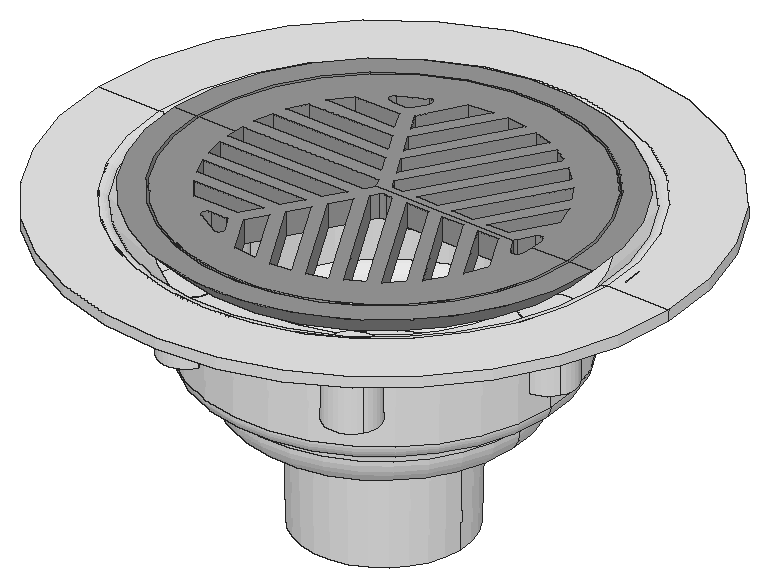
Revit family "3100.177 Deck Drain Bottom Exit 100x65", category Plumbing Fixtures, Revit 2020
Family settings
  Round Connector Dimension = Use Diameter
  Part Type = Normal
  Work Plane-Based = No
  Always vertical = Yes
  Cut with Voids When Loaded = No
  Shared = No
  Room Calculation Point = No
Parameters (values of type "3100.177 100X65")
  Waste Connection = yes
  Vent Connection = no
  URL = "www.aquaknight.co.nz"
  Phone = "+6498322214"  # constant formula
  Model = "3100.177"
  Manufacturer = "Aquanight Industries Ltd"  # constant formula
  HW Connection = no
  Email = "info@aquaknight.co.nz"  # constant formula
  Description = "Deck Drain Bottom Exit 100mm Inlet w 65mm Outlet Big Flange"
  Default Elevation = 0 mm
  CW Connection = no
Reference planes
  plane 1 "Center (Front/Back)": y = 0
  plane 2: z = 0
  plane 3 "Center (Left/Right)": x = 0
  plane 4: z = -94.136
Forms (mm)
  Revolve 1, solid, material "PVC-Piping"
    sketch origin (-2.137, 0, 1.044) x (1, 0, 0) y (0, 0, 1)
      loop
        line (-87.727, -5.044) -> (-75.98, -17.642) -> (-75.98, -20.801)
        arc (-75.98, -20.801) -> (-74.992, -23.186) -> (-72.607, -24.174) r 3.373
        line (-72.607, -24.174) -> (-65.619, -24.174) -> (-65.137, -53.24)
        arc (-65.137, -53.24) -> (-63.332, -57.433) -> (-59.099, -59.143) r 6.002
        arc (-59.099, -59.143) -> (-54.852, -60.869) -> (-53.063, -65.091) r 6
        arc (-53.063, -65.091) -> (-49.622, -73.397) -> (-41.377, -76.982) r 12
        line (-41.377, -76.982) -> (-29.814, -77.285) -> (-28.735, -117.18) -> (-24.733, -117.18) -> (-25.763, -79.113)
        arc (-25.763, -79.113) -> (-27.533, -75.001) -> (-31.646, -73.235) r 6.043
        line (-31.646, -73.235) -> (-41.273, -72.983)
        arc (-41.273, -72.983) -> (-46.769, -70.593) -> (-49.063, -65.056) r 8
        arc (-49.063, -65.056) -> (-51.095, -59.101) -> (-56.281, -55.538) r 10
        line (-56.281, -55.538) -> (-56.613, -17.544) -> (-70.602, -17.544) -> (-84.53, -2.608)
        arc (-84.53, -2.608) -> (-86.165, -1.452) -> (-88.127, -1.044) r 4.918
        line (-88.127, -1.044) -> (-112.863, -1.044) -> (-112.863, -5.044) -> (-87.727, -5.044)
      axis (2.137, -1.044) -> (2.137, -117.18)
    angle from 0 to 360
  Revolve 2, solid, material "Steel, Chrome Plated"
    sketch origin (0, 0, 1.044) x (1, 0, 0) y (0, 0, 1)
      loop
        line (-75.621, -6.423) -> (0, -6.423) -> (0, 2.356) -> (-74.314, 2.356) -> (-75.328, -2.363) -> (-75.328, 2.356) -> (-84.4, 2.356) -> (-75.621, -6.423)
      axis (0, 2.356) -> (0, -6.423)
    angle from 0 to 360
  Extrusion 3, solid, material "PVC-Piping", detail levels fine
    sketch origin (-6.563, -11.367, 4) x (0.866025, -0.5, 0) y (0.5, 0.866025, 0)
      loop
        circle (0, -53.504) r 10
      loop
        circle (0, 79.754) r 10
      loop
        circle (-57.702, -20.189) r 10
      loop
        circle (57.702, 46.439) r 10
      loop
        circle (-57.702, 46.439) r 10
      loop
        circle (57.702, -20.189) r 10
    from -46.5 to -20.5
  Extrusion 4, void
    sketch origin (0, 0, 0) x (0, 1, 0) y (-1, 0, 0)
      loop
        line (43.05, 22.084) -> (35.55, 17.754) -> (59.886, 3.703)
        arc (59.886, 3.703) -> (59.402, 8.447) -> (58.544, 13.138) r 60
        line (58.544, 13.138) -> (43.05, 22.084)
      loop
        line (30.75, 14.982) -> (23.25, 10.652) -> (59.148, -10.074)
        arc (59.148, -10.074) -> (59.7, -5.995) -> (59.97, -1.888) r 60
        line (59.97, -1.888) -> (30.75, 14.982)
      loop
        line (18.45, 7.881) -> (10.95, 3.551) -> (55.706, -22.289)
        arc (55.706, -22.289) -> (57.016, -18.686) -> (58.093, -15.007) r 60
        line (58.093, -15.007) -> (18.45, 7.881)
      loop
        line (6.15, 0.779) -> (3.396, -0.81)
        spline (3.396, -0.81) -> (3.249, -0.904) -> (3.112, -1.01) -> (2.983, -1.127) -> (2.866, -1.255) -> (2.76, -1.393) -> (2.667, -1.54) -> (2.587, -1.694) -> (2.52, -1.854) -> (2.468, -2.02) -> (2.43, -2.19) -> (2.408, -2.362) -> (2.4, -2.536)
        line (2.4, -2.536) -> (2.4, -5.716) -> (49.985, -33.189)
        arc (49.985, -33.189) -> (51.962, -30) -> (53.735, -26.694) r 60
        line (53.735, -26.694) -> (6.15, 0.779)
      loop
        line (47.156, -37.098) -> (2.4, -11.258) -> (2.4, -19.919) -> (42.043, -42.806)
        arc (42.043, -42.806) -> (44.691, -40.034) -> (47.156, -37.098) r 60
      loop
        line (38.298, -46.187) -> (2.4, -25.461) -> (2.4, -34.121) -> (31.62, -50.992)
        arc (31.62, -50.992) -> (35.042, -48.704) -> (38.298, -46.187) r 60
      loop
        line (26.736, -53.714) -> (2.4, -39.664) -> (2.4, -48.324) -> (17.894, -57.27)
        arc (17.894, -57.27) -> (22.385, -55.668) -> (26.736, -53.714) r 60
      loop
        line (45.45, 33.354) -> (45.45, 27.391)
        spline (45.45, 27.391) -> (45.458, 27.217) -> (45.48, 27.045) -> (45.518, 26.875) -> (45.57, 26.709) -> (45.637, 26.549) -> (45.717, 26.395) -> (45.81, 26.248) -> (45.916, 26.11) -> (46.033, 25.982) -> (46.162, 25.865) -> (46.299, 25.759) -> (46.446, 25.665)
        line (46.446, 25.665) -> (51.611, 22.684)
        arc (51.611, 22.684) -> (53.96, 22.94) -> (54.425, 25.258) r 2
        arc (54.425, 25.258) -> (51.962, 30) -> (49.086, 34.504) r 60
        arc (49.086, 34.504) -> (46.847, 35.261) -> (45.45, 33.354) r 2
      loop
        line (-43.05, 22.084) -> (-58.544, 13.138)
        arc (-58.544, 13.138) -> (-59.402, 8.447) -> (-59.886, 3.703) r 60
        line (-59.886, 3.703) -> (-35.55, 17.754) -> (-43.05, 22.084)
      loop
        line (-30.75, 14.982) -> (-59.97, -1.888)
        arc (-59.97, -1.888) -> (-59.7, -5.995) -> (-59.148, -10.074) r 60
        line (-59.148, -10.074) -> (-23.25, 10.652) -> (-30.75, 14.982)
      loop
        line (-18.45, 7.881) -> (-58.093, -15.007)
        arc (-58.093, -15.007) -> (-57.016, -18.686) -> (-55.706, -22.289) r 60
        line (-55.706, -22.289) -> (-10.95, 3.551) -> (-18.45, 7.881)
      loop
        line (-6.15, 0.779) -> (-53.735, -26.694)
        arc (-53.735, -26.694) -> (-51.962, -30) -> (-49.985, -33.189) r 60
        line (-49.985, -33.189) -> (-2.4, -5.716) -> (-2.4, -2.536)
        spline (-2.4, -2.536) -> (-2.408, -2.362) -> (-2.43, -2.19) -> (-2.468, -2.02) -> (-2.52, -1.854) -> (-2.587, -1.694) -> (-2.667, -1.54) -> (-2.76, -1.393) -> (-2.866, -1.255) -> (-2.983, -1.127) -> (-3.112, -1.01) -> (-3.249, -0.904) -> (-3.396, -0.81)
        line (-3.396, -0.81) -> (-6.15, 0.779)
      loop
        arc (-47.156, -37.098) -> (-44.691, -40.034) -> (-42.043, -42.806) r 60
        line (-42.043, -42.806) -> (-2.4, -19.919) -> (-2.4, -11.258) -> (-47.156, -37.098)
      loop
        arc (-38.298, -46.187) -> (-35.042, -48.704) -> (-31.62, -50.992) r 60
        line (-31.62, -50.992) -> (-2.4, -34.121) -> (-2.4, -25.461) -> (-38.298, -46.187)
      loop
        arc (-26.736, -53.714) -> (-22.385, -55.668) -> (-17.894, -57.27) r 60
        line (-17.894, -57.27) -> (-2.4, -48.324) -> (-2.4, -39.664) -> (-26.736, -53.714)
      loop
        line (40.65, 26.241) -> (40.65, 44.131)
        arc (40.65, 44.131) -> (37.017, 47.22) -> (33.15, 50.011) r 60
        line (33.15, 50.011) -> (33.15, 21.91) -> (40.65, 26.241)
      loop
        line (28.35, 19.139) -> (28.35, 52.88)
        arc (28.35, 52.88) -> (24.658, 54.699) -> (20.85, 56.261) r 60
        line (20.85, 56.261) -> (20.85, 14.809) -> (28.35, 19.139)
      loop
        line (16.05, 12.038) -> (16.05, 57.813)
        arc (16.05, 57.813) -> (12.325, 58.72) -> (8.55, 59.388) r 60
        line (8.55, 59.388) -> (8.55, 7.708) -> (16.05, 12.038)
      loop
        line (3.75, 4.936) -> (3.75, 59.883)
        arc (3.75, 59.883) -> (0, 60) -> (-3.75, 59.883) r 60
        line (-3.75, 59.883) -> (-3.75, 4.936) -> (-0.996, 3.346)
        spline (-0.996, 3.346) -> (-0.842, 3.266) -> (-0.681, 3.2) -> (-0.516, 3.147) -> (-0.346, 3.11) -> (-0.174, 3.087) -> (0, 3.079) -> (0.174, 3.087) -> (0.346, 3.11) -> (0.516, 3.147) -> (0.681, 3.2) -> (0.842, 3.266) -> (0.996, 3.346)
        line (0.996, 3.346) -> (3.75, 4.936)
      loop
        arc (-8.55, 59.388) -> (-12.325, 58.72) -> (-16.05, 57.813) r 60
        line (-16.05, 57.813) -> (-16.05, 12.038) -> (-8.55, 7.708) -> (-8.55, 59.388)
      loop
        arc (-20.85, 56.261) -> (-24.658, 54.699) -> (-28.35, 52.88) r 60
        line (-28.35, 52.88) -> (-28.35, 19.139) -> (-20.85, 14.809) -> (-20.85, 56.261)
      loop
        arc (-33.15, 50.011) -> (-37.017, 47.22) -> (-40.65, 44.131) r 60
        line (-40.65, 44.131) -> (-40.65, 26.241) -> (-33.15, 21.91) -> (-33.15, 50.011)
      loop
        line (-51.611, 22.684) -> (-46.446, 25.665)
        spline (-46.446, 25.665) -> (-46.299, 25.759) -> (-46.162, 25.865) -> (-46.033, 25.982) -> (-45.916, 26.11) -> (-45.81, 26.248) -> (-45.717, 26.395) -> (-45.637, 26.549) -> (-45.57, 26.709) -> (-45.518, 26.875) -> (-45.48, 27.045) -> (-45.458, 27.217) -> (-45.45, 27.391)
        line (-45.45, 27.391) -> (-45.45, 33.354)
        arc (-45.45, 33.354) -> (-46.847, 35.261) -> (-49.086, 34.504) r 2
        arc (-49.086, 34.504) -> (-51.962, 30) -> (-54.425, 25.258) r 60
        arc (-54.425, 25.258) -> (-53.96, 22.94) -> (-51.611, 22.684) r 2
      loop
        line (6.161, -56.038) -> (0.996, -53.056)
        spline (0.996, -53.056) -> (0.842, -52.976) -> (0.681, -52.909) -> (0.516, -52.857) -> (0.346, -52.819) -> (0.174, -52.797) -> (0, -52.789) -> (-0.174, -52.797) -> (-0.346, -52.819) -> (-0.516, -52.857) -> (-0.681, -52.909) -> (-0.842, -52.976) -> (-0.996, -53.056)
        line (-0.996, -53.056) -> (-6.161, -56.038)
        arc (-6.161, -56.038) -> (-7.114, -58.201) -> (-5.338, -59.762) r 2
        arc (-5.338, -59.762) -> (0, -60) -> (5.338, -59.762) r 60
        arc (5.338, -59.762) -> (7.114, -58.201) -> (6.161, -56.038) r 2
    from -10.558 to 12.361
Cuts and joins
  Extrusion 4 cuts Revolve 2
Lines and regions (mm)
  Masking region 1
    outline origin (0, 0, 0) x (0, 1, 0) y (-1, 0, 0)
      loop
        circle (0, 0) r 115
  symbolic lines, detail levels fine
    curve 1: circle (-53.5, 92.665, 0) r 4.5 normal (0, 0, 1)
    curve 2: circle (53.5, 92.665, 0) r 4.5 normal (0, 0, 1)
    curve 3: circle (107, 0, 0) r 4.5 normal (0, 0, 1)
    curve 4: circle (53.5, -92.665, 0) r 4.5 normal (0, 0, 1)
    curve 5: circle (-53.5, -92.665, 0) r 4.5 normal (0, 0, 1)
    curve 6: circle (-107, 0, 0) r 4.5 normal (0, 0, 1)
  model lines, detail levels fine
    curve 7: circle (-107, 0, 0) r 4.5 normal (0, 0, 1)
    curve 8: circle (-53.5, -92.665, 0) r 4.5 normal (0, 0, 1)
    curve 9: circle (53.5, -92.665, 0) r 4.5 normal (0, 0, 1)
    curve 10: circle (107, 0, 0) r 4.5 normal (0, 0, 1)
    curve 11: circle (53.5, 92.665, 0) r 4.5 normal (0, 0, 1)
    curve 12: circle (-53.5, 92.665, 0) r 4.5 normal (0, 0, 1)
  symbolic lines, detail levels medium+fine
    curve 13: circle (0, 0, 0) r 84.4 normal (0, 0, 1)
    curve 14: circle (0, 0, 0) r 75.621 normal (0, 0, 1)
    curve 15: circle (0, 0, 0) r 60 normal (0, 0, 1)
Dimensions and locks
  locked: level to plane 4 at 94.136
  locked: connector elem to plane 3 "Center (Left/Right)"
  locked: connector elem to plane 1 "Center (Front/Back)"
  aligned and locked: level to plane 2
Automatic sketch dimensions
  Revolve 2 sketch curve to plane 3 "Center (Left/Right)" = 0 mm  (x2)
  level to Revolve 2 sketch curve = 3.4 mm  (x2)
  Revolve 2 sketch curve to plane 3 "Center (Left/Right)" = 74.314 mm
  Revolve 2 sketch curve to Revolve 2 sketch curve = 1.014 mm
  Revolve 2 sketch curve to Revolve 2 sketch curve = 0.294 mm
  Revolve 2 sketch curve to Revolve 2 sketch curve = 9.072 mm
  Revolve 2 sketch curve to level = 1.319 mm
  Revolve 2 sketch curve to Revolve 2 sketch curve = 4.06 mm
  Revolve 2 sketch curve to Revolve 2 sketch curve = 11.104 mm
  Revolve 2 sketch curve to Revolve 2 sketch curve = 11.042 mm
  plane 1 "Center (Front/Back)" to Extrusion 3 sketch curve = 0 mm  (x2)
  Extrusion 3 sketch curve to Extrusion 3 sketch curve = 33.314 mm  (x3)
  Extrusion 3 sketch curve to plane 3 "Center (Left/Right)" = 66.629 mm
  Extrusion 3 sketch curve to Extrusion 3 sketch curve = 0 mm
  Extrusion 3 sketch curve to Extrusion 3 sketch curve = 57.702 mm  (x4)
  Extrusion 3 sketch curve to Extrusion 3 sketch curve = 66.629 mm
  Extrusion 4 sketch curve to Revolve 1 = 0 mm  (x2)
  Revolve 1 to Extrusion 4 sketch curve = 0.996 mm  (x2)
  Revolve 1 to Extrusion 4 sketch curve = 2.4 mm  (x4)
  Extrusion 4 sketch curve to Extrusion 4 sketch curve = 0.996 mm  (x4)
  Revolve 1 to Extrusion 4 sketch curve = 3.75 mm
  Revolve 1 to Extrusion 4 sketch curve = 5.161 mm
  Extrusion 4 sketch curve to Extrusion 4 sketch curve = 2.754 mm  (x2)
  Extrusion 4 sketch curve to Extrusion 4 sketch curve = 1 mm  (x4)
  Extrusion 4 sketch curve to Extrusion 4 sketch curve = 4.8 mm  (x8)
  Extrusion 4 sketch curve to Extrusion 4 sketch curve = 2.4 mm  (x12)
  Extrusion 4 sketch curve to Extrusion 4 sketch curve = 7.5 mm  (x6)
  Extrusion 4 sketch curve to Extrusion 4 sketch curve = 11.733 mm  (x2)
  Extrusion 4 sketch curve to Extrusion 4 sketch curve = 8.842 mm  (x2)
  Extrusion 4 sketch curve to Extrusion 4 sketch curve = 4.885 mm  (x2)
  Extrusion 4 sketch curve to Extrusion 4 sketch curve = 6.678 mm  (x2)
  Extrusion 4 sketch curve to Extrusion 4 sketch curve = 3.745 mm  (x2)
  Extrusion 4 sketch curve to Extrusion 4 sketch curve = 5.113 mm  (x2)
  Extrusion 4 sketch curve to Extrusion 4 sketch curve = 2 mm  (x2)
  Extrusion 4 sketch curve to Extrusion 4 sketch curve = 2.829 mm  (x2)
  Extrusion 4 sketch curve to Extrusion 4 sketch curve = 5.164 mm  (x2)
  Extrusion 4 sketch curve to Extrusion 4 sketch curve = 3.75 mm  (x2)
  Extrusion 4 sketch curve to Extrusion 4 sketch curve = 1.971 mm  (x2)
  Extrusion 4 sketch curve to Extrusion 4 sketch curve = 2.387 mm  (x2)
  Extrusion 4 sketch curve to Extrusion 4 sketch curve = 6.933 mm  (x2)
  Extrusion 4 sketch curve to Extrusion 4 sketch curve = 1.055 mm  (x2)
  Extrusion 4 sketch curve to Extrusion 4 sketch curve = 1.342 mm  (x2)
  Extrusion 4 sketch curve to Extrusion 4 sketch curve = 0.085 mm  (x2)
  Extrusion 4 sketch curve to Revolve 1 = 0.996 mm  (x2)
  Extrusion 4 sketch curve to Revolve 1 = 2.4 mm  (x4)
  Extrusion 4 sketch curve to Revolve 1 = 3.75 mm
  Extrusion 4 sketch curve to Revolve 1 = 5.161 mm
  Extrusion 4 sketch curve to Extrusion 4 sketch curve = 0.5 mm
  Extrusion 4 sketch curve to Extrusion 4 sketch curve = 0 mm  (x8)
  Extrusion 4 sketch curve to Extrusion 4 sketch curve = 1.732 mm  (x4)
  Extrusion 4 sketch curve to Extrusion 4 sketch curve = 2.982 mm
  Extrusion 4 sketch curve to Extrusion 4 sketch curve = 4.732 mm
  Extrusion 4 sketch curve to Extrusion 4 sketch curve = 8.66 mm  (x3)
  Extrusion 4 sketch curve to Extrusion 4 sketch curve = 5.543 mm  (x3)
  Extrusion 4 sketch curve to Extrusion 4 sketch curve = 3.18 mm  (x2)
  Extrusion 4 sketch curve to Extrusion 4 sketch curve = 1.725 mm  (x4)
  Extrusion 4 sketch curve to Extrusion 4 sketch curve = 1.59 mm  (x4)
  Extrusion 4 sketch curve to Extrusion 4 sketch curve = 3.346 mm
  Extrusion 4 sketch curve to Extrusion 4 sketch curve = 2.771 mm  (x6)
  Extrusion 4 sketch curve to Extrusion 4 sketch curve = 4.157 mm  (x12)
  Extrusion 4 sketch curve to Extrusion 4 sketch curve = 4.33 mm  (x6)
  Extrusion 4 sketch curve to Extrusion 4 sketch curve = 0.6 mm  (x2)
  Extrusion 4 sketch curve to Extrusion 4 sketch curve = 3.582 mm  (x2)
  Extrusion 4 sketch curve to Extrusion 4 sketch curve = 5.963 mm  (x2)
  Extrusion 4 sketch curve to Extrusion 4 sketch curve = 0.729 mm  (x2)
  Extrusion 4 sketch curve to Extrusion 4 sketch curve = 2.008 mm  (x3)
  Extrusion 4 sketch curve to Extrusion 4 sketch curve = 0.267 mm  (x4)
  Extrusion 4 sketch curve to Extrusion 4 sketch curve = 1.011 mm
  Extrusion 4 sketch curve to Extrusion 4 sketch curve = 1.743 mm  (x2)
  curve 1 to curve 12 = 0 mm  (x2)
  curve 2 to curve 11 = 0 mm  (x2)
  curve 3 to curve 10 = 0 mm  (x2)
  curve 4 to curve 9 = 0 mm  (x2)
  curve 5 to curve 8 = 0 mm  (x2)
  curve 6 to curve 7 = 0 mm  (x2)
  curve 6 to Revolve 1 = 0 mm
  Revolve 1 to curve 3 = 0 mm
  Revolve 1 to curve 9 = 92.665 mm
  Revolve 1 to curve 5 = 92.665 mm
  curve 11 to Revolve 1 = 92.665 mm
  curve 1 to Revolve 1 = 92.665 mm
  curve 11 to curve 13 = 53.5 mm
  curve 9 to curve 13 = 53.5 mm
  curve 10 to curve 2 = 53.5 mm
  curve 13 to curve 5 = 53.5 mm
  curve 13 to curve 12 = 53.5 mm
  curve 5 to curve 6 = 53.5 mm
  Revolve 1 sketch curve to Revolve 1 sketch curve = 0 mm  (x6)
  Revolve 1 sketch curve to level = 0 mm
  Revolve 1 sketch curve to plane 3 "Center (Left/Right)" = 0 mm
  Revolve 1 sketch curve to plane 3 "Center (Left/Right)" = 26.87 mm
  Revolve 1 sketch curve to Revolve 1 sketch curve = 4.001 mm
  Revolve 1 sketch curve to Revolve 1 sketch curve = 4.051 mm
  Revolve 1 sketch curve to Revolve 1 sketch curve = 1.832 mm
  Revolve 1 sketch curve to Revolve 1 sketch curve = 1.99 mm
  Revolve 1 sketch curve to Revolve 1 sketch curve = 9.417 mm
  plane 4 to Revolve 1 sketch curve = 18.198 mm
  Revolve 1 sketch curve to Revolve 1 sketch curve = 9.573 mm
  Revolve 1 sketch curve to level = 16.5 mm
  Revolve 1 sketch curve to Revolve 1 sketch curve = 0.332 mm
  Revolve 1 sketch curve to Revolve 1 sketch curve = 2.781 mm
  Revolve 1 sketch curve to Revolve 1 sketch curve = 2.854 mm
  Revolve 1 sketch curve to Revolve 1 sketch curve = 6.002 mm
  Revolve 1 sketch curve to level = 23.13 mm
  Revolve 1 sketch curve to Revolve 1 sketch curve = 9.006 mm
  Revolve 1 sketch curve to Revolve 1 sketch curve = 4.983 mm
  Revolve 1 sketch curve to Revolve 1 sketch curve = 2.005 mm
  Revolve 1 sketch curve to Revolve 1 sketch curve = 3.373 mm
  Revolve 1 sketch curve to level = 1.564 mm
  Revolve 1 sketch curve to Revolve 1 sketch curve = 8.55 mm
  Revolve 1 sketch curve to level = 4 mm
  Revolve 1 sketch curve to Revolve 1 sketch curve = 3.198 mm
  Revolve 1 sketch curve to Revolve 1 sketch curve = 3.597 mm
  Revolve 1 sketch curve to Revolve 1 sketch curve = 24.736 mm
  Revolve 1 sketch curve to Revolve 1 sketch curve = 0.303 mm
  Revolve 1 sketch curve to Revolve 1 sketch curve = 1.828 mm
  Revolve 1 sketch curve to Revolve 1 sketch curve = 1.992 mm
  Revolve 1 sketch curve to plane 4 = 22 mm
  Revolve 1 sketch curve to Revolve 1 sketch curve = 11.839 mm
  Revolve 1 sketch curve to Revolve 1 sketch curve = 11.996 mm
  Revolve 1 sketch curve to Revolve 1 sketch curve = 9.605 mm
  Revolve 1 sketch curve to Revolve 1 sketch curve = 2.297 mm
  Revolve 1 sketch curve to Revolve 1 sketch curve = 3.159 mm
  Revolve 1 sketch curve to Revolve 1 sketch curve = 0.105 mm
  level to Revolve 1 sketch curve = 2.639 mm
  Revolve 1 sketch curve to Revolve 1 sketch curve = 35 mm
  radius of Extrusion 3 sketch curve = 10 mm  (x6)
  radius of Extrusion 4 sketch curve to Revolve 1 = 30.264 mm  (x24)
  radius of Masking region 1 sketch curve to Revolve 1 = 0 mm
  radius of curve 13 to Revolve 1 = 5.864 mm
  radius of curve 14 to Revolve 1 = 14.642 mm
  radius of curve 15 to Revolve 1 = 30.264 mm
  radius of curve 1 = 4.5 mm
  radius of curve 2 = 4.5 mm
  radius of curve 3 = 4.5 mm
  radius of curve 4 = 4.5 mm
  radius of curve 5 = 4.5 mm
  radius of curve 6 = 4.5 mm
  radius of curve 7 = 4.5 mm
  radius of curve 8 = 4.5 mm
  radius of curve 9 = 4.5 mm
  radius of curve 10 = 4.5 mm
  radius of curve 11 = 4.5 mm
  radius of curve 12 = 4.5 mm
Connectors
  piping at (0, 0, -94.136), diameter 65
    settings: on plane 4, index 1, connector inside diameter 609.6 mm, connector length 0 mm, flow factor 0, pipe flow 0.0 L/s, pressure drop 0.0 Pa, fitting loss kfactor 0, connector angle 0.00°, fixture units 0, engagement length 0 mm, angle of deflection 0.00°, flow configuration 0, flow direction 0, fitting loss method 0, system type 28, joint type 0, gender type 0, connector reference index -1, connector utility 0, adjustable connector no, is connector primary yes, connector description ""
